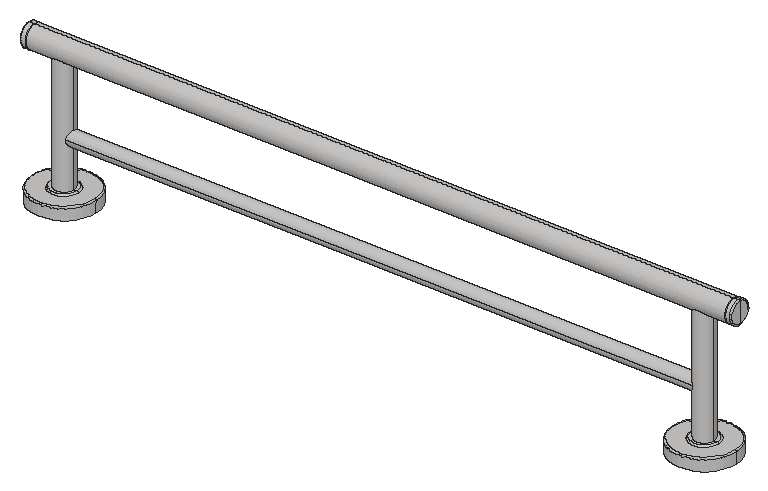
Revit family "PRD_FrankeWS_TwlRls_MEDIUSDoubleTowelRail_MEDX002HP", category Specialty Equipment, host Face, Revit 2018
Family settings
  Host = Face
  Round Connector Dimension = Use Diameter
  Part Type = Normal
  OmniClass Number = 23.40.20.21.27
  OmniClass Title = Towel Bars
  Cut with Voids When Loaded = No
  Shared = No
  Room Calculation Point = No
Parameters (values of type "MEDX002HP")
  WarrantyStartDate [instance] = "1900-12-31T23:59:59"
  WarrantyGuarantorParts = "n/a"
  WarrantyGuarantorLabor = "n/a"
  WarrantyDurationUnit = "year"
  WarrantyDurationParts = "n/a"
  WarrantyDurationLabor = "n/a"
  WarrantyDescription = "n/a"
  Version = "1"
  Uniclass2015Version = "Products v1.17"
  Uniclass2015Title = "Towel rails"
  Uniclass2015Code = "Pr_40_20_76_90"
  URL = "www.kwc.com"
  TypeOfMounting = "Wall mounting"
  TypeOfFixing = "Screw"
  TagNumber [instance] = "n/a"
  SustainabilityPerformance = "n/a"
  Style = "Rail"
  Size = "600 x 54 x 125 mm"
  Shape = "n/a"
  SerialNumber [instance] = "n/a"
  Revision = "n/a"
  ReplacementCost = "n/a"
  RailMaterial = PRD_AR_StainlessSteel_HighPolished
  ProductInformation = "https://pim.kwc.com/product/2000106245/attachment/datasheet?locale=en"
  NominalWidth = 600.00 mm
  NominalHeight = 54.00 mm
  NominalDepth = 125.00 mm
  NetWeight = 0.40 kg
  Name = "Double Towel Rail MEDX002HP"
  NBSTypeID = "n/a"
  NBSReference = "45-35-72/372"
  NBSOfficeMasterTag = "n/a"
  NBSNote = "n/a"
  NBSDescription = "Towel rails"
  NBSCertification = "n/a"
  ModelReference = "MEDX002HP"
  ModelNumber = "2000106245"
  Model = ModelReference  # "MEDX002HP"
  MaterialCode = "1.4301"
  Material = "stainless steel"
  ManufacturerURL = "www.kwc.com"
  ManufacturerName = "KWC Group AG"  # constant formula
  Manufacturer = ManufacturerName  # "KWC Group AG"
  MainColor = "stainless steel"
  IsBuiltIn = "TRUE"
  IntegralAccessories = "incl. stainless steel screws and dowels"
  InstallationDate [instance] = "1900-12-31T23:59:59"
  IfcExportType = "USERDEFINED"
  IfcExportAs = "IfcFurnitureType"
  GrossWeight = 0.61 kg
  Grade = "n/a"
  Finish = "high polished"
  Features = "stainless steel, surface high polished"
  ExpectedLife = "n/a"
  DurationUnit = "year"
  Description = "Double towel rail for wall mounting, 304 stainless steel, round covers to conceal the fixing of screws, inclusive stainless steel screws and dowels."
  Default Elevation = 1200.00 mm
  CreateOn = "05/2020"  # constant formula
  Constituents = "n/a"
  Color = "n/a"
  CodePerformance = "n/a"
  Category = "Pr_40_20_76_90, Towel rails"
  BarCode [instance] = "n/a"
  BIMObjectName = "PRD_AR_TowelRails_MEDIUSDoubleTowelRail_MEDX002HP"
  Author = "Archispace"  # constant formula
  AssetType = "Fixed"
  AssetIdentifier [instance] = "n/a"
  AccessibilityPerformance = "n/a"
Reference planes
  plane 1 "Center (Front/Back)": y = 0
  plane 2: z = 0
  plane 3 "Center (Left/Right)": x = 0
  plane 4: x = -300
  plane 5: x = 300
  plane 6: x = 270
  plane 7: x = -270
Forms (mm)
  Extrusion 1, solid, material "PRD_AR_StainlessSteel_HighPolished" <- "RailMaterial", detail levels fine
    sketch origin (0, 0, 0) x (1, 0, 0) y (0, 1, 0)
      loop
        circle (-270, 0) r 27
      loop
        circle (270, 0) r 27
    from 0 to 10
  Sweep 2, solid, material "PRD_AR_StainlessSteel_HighPolished" <- "RailMaterial", detail levels fine
    path origin (0, 0, 5) x (1, 0, 0) y (0, 0, 1)
      loop
        line (-295, 110.5) -> (295, 110.5)
    profile origin (0, 0, 115.5) x (0, 0, 1) y (0, -1, 0)
      loop
        circle (0, 0) r 9.5
  Extrusion 3, solid, material "PRD_AR_StainlessSteel_HighPolished" <- "RailMaterial", detail levels medium
    sketch origin (0, 0, 0) x (1, 0, 0) y (0, 1, 0)
      loop
        circle (-270, 0) r 27
      loop
        circle (270, 0) r 27
    from 0 to 10
  Sweep 4, void
    path in 3D
      loop
        arc (-243, 0, 10) -> (-270, -27, 10) -> (-297, 0, 10) r 27
        arc (-297, 0, 10) -> (-270, 27, 10) -> (-243, 0, 10) r 27
    profile origin (-270, 27, 10) x (0, 1, 0) y (0, 0, 1)
      loop
        line (0, 0) -> (-1, 0)
        arc (-1, 0) -> (-0.293, -0.293) -> (0, -1) r 1
        line (0, -1) -> (0, 0)
  Sweep 5, void
    path in 3D
      loop
        arc (243, 0, 10) -> (270, 27, 10) -> (297, 0, 10) r 27
        arc (297, 0, 10) -> (270, -27, 10) -> (243, 0, 10) r 27
    profile origin (270, -27, 10) x (0, -1, 0) y (0, 0, 1)
      loop
        line (0, 0) -> (-1, 0)
        arc (-1, 0) -> (-0.293, -0.293) -> (0, -1) r 1
        line (0, -1) -> (0, 0)
  Extrusion 6, solid, material "PRD_AR_StainlessSteel_HighPolished" <- "RailMaterial", detail levels coarse
    sketch origin (0, 0, 0) x (1, 0, 0) y (0, 1, 0)
      loop
        line (-300, 27) -> (-300, -27) -> (300, -27) -> (300, 27) -> (-300, 27)
    from 0 to 125
  Revolve 7, solid, material "PRD_AR_StainlessSteel_HighPolished" <- "RailMaterial", detail levels fine
    sketch origin (0, 0, 5) x (1, 0, 0) y (0, 0, 1)
      loop
        line (-295, 110.5) -> (-295, 120) -> (-299, 120)
        arc (-299, 120) -> (-299.707, 119.707) -> (-300, 119) r 1
        line (-300, 119) -> (-300, 110.5) -> (-295, 110.5)
      loop
        line (295, 110.5) -> (300, 110.5) -> (300, 119)
        arc (300, 119) -> (299.707, 119.707) -> (299, 120) r 1
        line (299, 120) -> (295, 120) -> (295, 110.5)
      axis (-300, 110.5) -> (300, 110.5)
    angle from 0 to 360
  Sweep 8, solid, material "PRD_AR_StainlessSteel_HighPolished" <- "RailMaterial", detail levels fine
    path origin (0, 0, 5) x (1, 0, 0) y (0, 0, 1)
      loop
        line (0, 6) -> (0, 110.5)
    profile origin (0, 0, 63.25) x (-1, 0, 0) y (0, -1, 0)
      loop
        circle (270, 0) r 8
      loop
        circle (-270, 0) r 8
  Revolve 9, solid, material "PRD_AR_StainlessSteel_HighPolished" <- "RailMaterial", detail levels fine
    sketch origin (0, 0, 0) x (1, 0, 0) y (0, 0, 1)
      loop
        line (-270, 10) -> (-270, 11) -> (-281, 11) -> (-282, 10) -> (-270, 10)
      axis (-270, 11) -> (-270, 10)
    angle from 0 to 360
  Revolve 10, solid, material "PRD_AR_StainlessSteel_HighPolished" <- "RailMaterial", detail levels fine
    sketch origin (0, 0, 0) x (-1, 0, 0) y (0, 0, 1)
      loop
        line (-270, 10) -> (-270, 11) -> (-281, 11) -> (-282, 10) -> (-270, 10)
      axis (-270, 11) -> (-270, 10)
    angle from 0 to 360
  Sweep 11, solid, material "PRD_AR_StainlessSteel_HighPolished" <- "RailMaterial", detail levels medium
    path origin (0, 0, 5) x (1, 0, 0) y (0, 0, 1)
      loop
        line (-300, 110.5) -> (300, 110.5)
    profile origin (0, 0, 115.5) x (0, 0, 1) y (0, -1, 0)
      loop
        circle (0, 0) r 9.5
  Sweep 12, solid, material "PRD_AR_StainlessSteel_HighPolished" <- "RailMaterial", detail levels medium
    path origin (0, 0, 5) x (1, 0, 0) y (0, 0, 1)
      loop
        line (0, 5) -> (0, 110.5)
    profile origin (0, 0, 62.75) x (-1, 0, 0) y (0, -1, 0)
      loop
        circle (270, 0) r 8
      loop
        circle (-270, 0) r 8
  Sweep 13, solid, material "PRD_AR_StainlessSteel_HighPolished" <- "RailMaterial", detail levels fine
    path origin (0, 0, 0) x (1, 0, 0) y (0, 0, 1)
      loop
        line (-270, 50) -> (270, 50)
    profile origin (0, 0, 50) x (0, 0, 1) y (0, -1, 0)
      loop
        circle (0, 0) r 6
  Sweep 14, solid, material "PRD_AR_StainlessSteel_HighPolished" <- "RailMaterial", detail levels medium
    path origin (0, 0, 0) x (1, 0, 0) y (0, 0, 1)
      loop
        line (-270, 50) -> (270, 50)
    profile origin (0, 0, 50) x (0, 0, 1) y (0, -1, 0)
      loop
        circle (0, 0) r 6
Cuts and joins
  Sweep 4, Sweep 5 cuts Extrusion 1
  joined: Sweep 2, Sweep 8, Sweep 13
  joined: Sweep 11, Sweep 12, Sweep 14
Lines and regions (mm)
  sketch lines
    curve 1: arc (-297, 0, 10) -> (-270, 27, 10) -> (-243, 0, 10) r 27
    curve 2: arc (-243, 0, 10) -> (-270, -27, 10) -> (-297, 0, 10) r 27
    curve 3: arc (297, 0, 10) -> (270, -27, 10) -> (243, 0, 10) r 27
    curve 4: arc (243, 0, 10) -> (270, 27, 10) -> (297, 0, 10) r 27
Dimensions and locks
  plane 4 to plane 3 "Center (Left/Right)" = 300.00 mm
  plane 3 "Center (Left/Right)" to plane 5 = 300.00 mm
  plane 7 to plane 3 "Center (Left/Right)" = 270.00 mm
  plane 3 "Center (Left/Right)" to plane 6 = 270.00 mm
  aligned and locked: plane 2 to host face
  aligned and locked: level to host face
